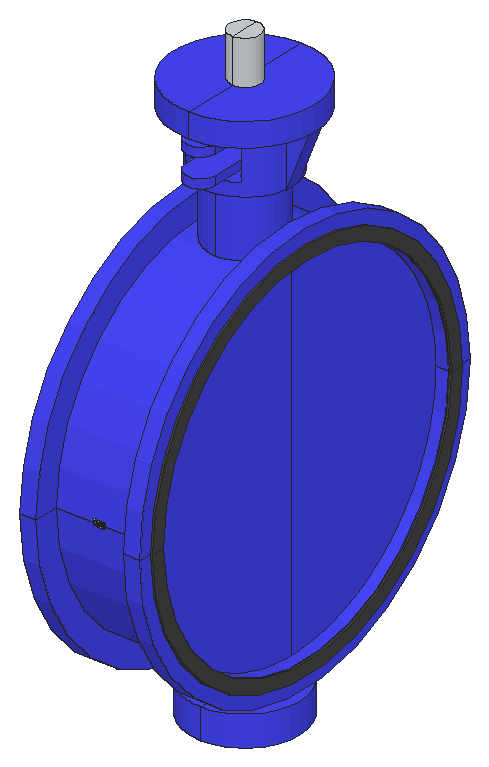
Revit family "926-00-002-DN80-1800", category Pipe Accessories, Revit 2022
Family settings
  Round Connector Dimension = Use Diameter
  Part Type = Valve - Breaks Into
  Work Plane-Based = No
  Always vertical = Yes
  Cut with Voids When Loaded = No
  Shared = No
Parameters (values of type "DN900_PN25")
  total_FL_legth = A - L  # 297.5 mm
  rib_Loctn = Body_rib_L * 0.4  # 46 mm
  logo = Bore_R + Body_T + 2 mm  # 455 mm
  bottom_support_T = size_lookup(Search_table, "bottom_support_T", 0 mm, DN)  # 138 mm
  bottom_Shaft_T = Body_rib_W * 0.4  # 0.4 mm
  bottom_Shaft_R = Body_shaft_R3 * 1.2  # 143.52 mm
  Wedge = A / 1.3  # 234.615 mm
  URL_product_pages = "https://www.avkvalves.com/P.aspx?no=92608000030160100000"
  Top_Rib = D / 2  # 37.5 mm
  Top_Flange_T = size_lookup(Search_table, "Top_Flange_T", 0 mm, DN)  # 120 mm
  Top_Flange_R_T = Slot_T * 2  # 44 mm
  Top_Flange_R = size_lookup(Search_table, "Top_Flange_R", 0 mm, DN)  # 175 mm
  Top_Flange1 = size_lookup(Search_table, "Top_Flange1", 0 mm, DN)  # 60 mm
  Top _Flange_dim2 = Body_shaft_R3_T * 2  # 66 mm
  Top _Flange_dim1 = Body_shaft_R3 * 0.58  # 69.368 mm
  Stem_R = size_lookup(Search_table, "Stem_R", 0 mm, DN)  # 56.25 mm
  Slt = size_lookup(Search_table, "Slt", 0 mm, DN)  # 75 mm
  Slot_dim1 = size_lookup(Search_table, "Slot_dim1", 0 mm, DN)  # 15 mm
  Slot_T = size_lookup(Search_table, "Slot_T", 0 mm, DN)  # 22 mm
  Search_table = "926-00-002-DN80-1800"
  Seal_R = size_lookup(Search_table, "Seal_R", 0 mm, DN)  # 36 mm
  Rib_shaft1 = size_lookup(Search_table, "Rib_shaft1", 0 mm, DN)  # 92 mm
  Rib_shaft = size_lookup(Search_table, "Rib_shaft", 0 mm, DN)  # 119.6 mm
  Rib_T = (FL_T - Raised_dis) / 1.5  # 23.333 mm
  Rib_R = D / 2  # 37.5 mm
  Retainer = size_lookup(Search_table, "Retainer", 0 mm, DN)  # 32.5 mm
  Raised_dis = size_lookup(Search_table, "Raised_dis", 0 mm, DN)  # 5 mm
  Raised_R = size_lookup(Search_table, "Raised_R", 0 mm, DN)  # 556 mm
  PCD = size_lookup(Search_table, "PCD", 0 mm, DN)  # 1135 mm
  L = Raised_dis * 1.5  # 7.5 mm
  Hole_R = size_lookup(Search_table, "Hole_R", 0 mm, DN)  # 18.5 mm
  FL_T = size_lookup(Search_table, "FL_T", 0 mm, DN)  # 40 mm
  FL_R = size_lookup(Search_table, "FL_R", 0 mm, DN)  # 515 mm
  E = size_lookup(Search_table, "E", 0 mm, DN)  # 108 mm
  Description_ = "AVK DBL. ECC. BUTTERFLY VALVE, FLANGED, AWWA SHORT, PN25"
  Default Elevation = 0 mm
  DN900_PN25 = "926-900-00-030060100000"
  DN800_PN25 = "926-800-00-030060100000"
  DN750_PN25 = "926-750-00-030060100000"
  DN700_PN25 = "926-700-00-030060100000"
  DN600_PN25 = "926-600-00-030080100000"
  DN500_PN25 = "926-500-00-030080100000"
  DN400_PN25 = "926-400-00-030080100000"
  DN350_PN25 = "926-350-00-030080100000"
  DN300_PN25 = "926-300-00-030080100000"
  DN250_PN25 = "926-250-00-030080100000"
  DN200_PN25 = "926-200-00-030080100000"
  DN1800_PN25 = "926-A18-00-030060100000"
  DN150_PN25 = "926-150-00-030080100000"
  DN1500_PN25 = "926-A15-00-030060100000"
  DN1200_PN25 = "926-A12-00-030060100000"
  DN100_PN25 = "926-100-00-030160100000"
  DN1000_PN25 = "926-A10-00-030060100000"
  DN080_PN25 = "926-080-00-030160100000"
  DN = 900 mm
  D = size_lookup(Search_table, "D", 0 mm, DN)  # 75 mm
  C = size_lookup(Search_table, "C", 0 mm, DN)  # 802 mm
  Bore_R = size_lookup(Search_table, "Bore_R", 0 mm, DN)  # 450 mm
  Body_shaft_R3_T = size_lookup(Search_table, "Body_shaft_R3_T", 0 mm, DN)  # 33 mm
  Body_shaft_R3 = Body_shaft_R2 * 1.3  # 119.6 mm
  Body_shaft_R2_T = D * 0.8  # 60 mm
  Body_shaft_R2 = Body_rib_L * 0.8  # 92 mm
  Body_shaft_R1 = (total_FL_legth - FL_T) / 2  # 128.75 mm
  Body_rib_W = size_lookup(Search_table, "Body_rib_W", 0 mm, DN)  # 1 mm
  Body_rib_L = size_lookup(Search_table, "Body_rib_L", 0 mm, DN)  # 115 mm
  Body_end_shaft_R = (total_FL_legth - 2 * Raised_dis) / 2  # 143.75 mm
  Body_T = size_lookup(Search_table, "Body_T", 0 mm, DN)  # 3 mm
  B = size_lookup(Search_table, "B", 0 mm, DN)  # 620 mm
  A = size_lookup(Search_table, "A", 0 mm, DN)  # 305 mm
Types (19, lengths in mm): name | total_FL_legth | rib_Loctn | logo | bottom_support_T | bottom_Shaft_T | bottom_Shaft_R | Wedge | Top_Rib | Top_Flange_T | Top_Flange_R_T | Top_Flange_R | Top_Flange1 | Top _Flange_dim2 | Top _Flange_dim1 | Stem_R | Slt | Slot_dim1 | Slot_T | Seal_R | Rib_shaft1 | Rib_shaft | Rib_T | Rib_R | Retainer | Raised_dis | Raised_R | PCD | L | Hole_R | FL_T | FL_R | E | DN | D | C | Bore_R | Body_shaft_R3_T | Body_shaft_R3 | Body_shaft_R2_T | Body_shaft_R2 | Body_shaft_R1 | Body_rib_W | Body_rib_L | Body_end_shaft_R | Body_T | B | A
  (no name) | 297.5 | 46 | 455 | 138 | 0.4 | 143.52 | 234.615 | 37.5 | 120 | 44 | 175 | 60 | 66 | 69.368 | 56.25 | 75 | 15 | 22 | 36 | 92 | 119.6 | 23.333 | 37.5 | 32.5 | 5 | 556 | 1135 | 7.5 | 18.5 | 40 | 515 | 108 | 900 | 75 | 802 | 450 | 33 | 119.6 | 60 | 92 | 128.75 | 1 | 115 | 143.75 | 3 | 620 | 305
  DN080_PN10/16 | 124 | 8 | 50 | 24 | 4.8 | 24.96 | 97.692 | 4.5 | 7.2 | 28 | 45 | 9 | 8 | 12.064 | 6.75 | 9 | 15 | 14 | 16 | 16 | 20.8 | 4 | 4.5 | 16 | 2 | 66 | 160 | 3 | 5 | 8 | 72 | 18 | 80 | 9 | 185 | 40 | 4 | 20.8 | 7.2 | 16 | 58 | 12 | 20 | 60 | 8 | 110 | 127
  DN100_PN25 | 124 | 10 | 62 | 30 | 6 | 31.2 | 97.692 | 5.5 | 8.8 | 28 | 62.5 | 15 | 10 | 15.08 | 8.25 | 11 | 15 | 14 | 15.5 | 20 | 26 | 4 | 5.5 | 15.5 | 2 | 78 | 180 | 3 | 6 | 8 | 81 | 20 | 100 | 11 | 202 | 50 | 5 | 26 | 8.8 | 20 | 58 | 15 | 25 | 60 | 10 | 130 | 127
  DN1200_PN25 | 373.5 | 48 | 605 | 144 | 24 | 149.76 | 293.077 | 71.5 | 75 | 50 | 207.5 | 114.4 | 66 | 72.384 | 60 | 110 | 16 | 25 | 63.5 | 96 | 124.8 | 23.333 | 71.5 | 40 | 5 | 664 | 1355 | 7.5 | 18.5 | 40 | 680 | 180 | 1200 | 143 | 1080 | 600 | 33 | 124.8 | 114.4 | 96 | 166.75 | 60 | 120 | 181.75 | 3 | 850 | 381
  DN1500_PN25 | 373.5 | 48 | 755 | 144 | 24 | 149.76 | 293.077 | 90 | 143 | 54 | 237.5 | 120 | 66 | 72.384 | 70 | 125 | 16 | 27 | 95 | 96 | 124.8 | 30 | 90 | 35 | 5 | 850 | 1700 | 7.5 | 24.5 | 50 | 820 | 170 | 1500 | 180 | 1290 | 750 | 33 | 124.8 | 144 | 96 | 161.75 | 60 | 120 | 181.75 | 3 | 1050 | 381
  DN150_PN25 | 124 | 12.8 | 89 | 38.4 | 8 | 39.936 | 97.692 | 8.5 | 13.6 | 44 | 62.5 | 18 | 14 | 19.302 | 12.75 | 17 | 18 | 22 | 16.5 | 25.6 | 33.28 | 5.333 | 8.5 | 16.5 | 2 | 105.5 | 240 | 3 | 8 | 10 | 108 | 27 | 150 | 17 | 280 | 75 | 7 | 33.28 | 13.6 | 25.6 | 57 | 20 | 32 | 60 | 12 | 170 | 127
  DN1800_PN25 | 459.5 | 48 | 905 | 144 | 6 | 149.76 | 359.231 | 110 | 140 | 58 | 280 | 140 | 66 | 72.384 | 70 | 100 | 16 | 29 | 78.5 | 96 | 124.8 | 33.333 | 110 | 50 | 5 | 975 | 2020 | 7.5 | 24.5 | 55 | 1000 | 150 | 1800 | 220 | 1430 | 900 | 33 | 124.8 | 176 | 96 | 202.25 | 15 | 120 | 224.75 | 3 | 1230 | 467
  DN200_PN25 | 147.5 | 20.8 | 114 | 62.4 | 8.8 | 64.896 | 116.923 | 11 | 17.6 | 40 | 75 | 22 | 20 | 31.366 | 16.5 | 22 | 21 | 20 | 16.375 | 41.6 | 54.08 | 11.333 | 11 | 16.375 | 3 | 133 | 295 | 4.5 | 11.5 | 20 | 132.75 | 30 | 200 | 22 | 320 | 100 | 10 | 54.08 | 17.6 | 41.6 | 63.75 | 22 | 52 | 70.75 | 12 | 200 | 152
  DN250_PN25 | 198.5 | 22.4 | 141 | 67.2 | 9.6 | 69.888 | 156.154 | 13.5 | 21.6 | 40 | 75 | 21 | 24 | 33.779 | 20.25 | 27 | 6 | 20 | 16.25 | 44.8 | 58.24 | 12.667 | 13.5 | 16.25 | 3 | 159.5 | 350 | 4.5 | 11.5 | 22 | 157.5 | 36 | 250 | 27 | 340 | 125 | 12 | 58.24 | 21.6 | 44.8 | 88.25 | 24 | 56 | 96.25 | 14 | 222 | 203
  DN300_PN25 | 197 | 24 | 166 | 72 | 12 | 74.88 | 156.154 | 13.5 | 21.6 | 40 | 75 | 21.6 | 24 | 36.192 | 20.25 | 27 | 6 | 20 | 15 | 48 | 52 | 13.667 | 13.5 | 15 | 4 | 185 | 400 | 6 | 11.5 | 24.5 | 180 | 41 | 300 | 27 | 390 | 150 | 12 | 62.4 | 21.6 | 48 | 86.25 | 30 | 60 | 94.5 | 14 | 260 | 203
  DN350_PN25 | 197 | 26.8 | 191 | 80.4 | 12.4 | 83.616 | 156.154 | 18 | 28.8 | 44 | 75 | 28.8 | 32 | 40.414 | 27 | 36 | 7 | 22 | 16 | 45 | 69.68 | 13.667 | 18 | 16 | 4 | 214.5 | 440 | 6 | 11.5 | 24.5 | 207 | 41 | 350 | 36 | 420 | 175 | 16 | 69.68 | 28.8 | 53.6 | 86.25 | 31 | 67 | 94.5 | 14 | 290 | 203
  DN400_PN25 | 197 | 28 | 217 | 84 | 16.8 | 87.36 | 156.154 | 18 | 28.8 | 44 | 105 | 28.8 | 32 | 42.224 | 27 | 36 | 7 | 22 | 15.875 | 50 | 72.8 | 13.667 | 18 | 15.875 | 4 | 240 | 510 | 6 | 14 | 24.5 | 231.75 | 41 | 400 | 36 | 451 | 200 | 16 | 72.8 | 28.8 | 56 | 86.25 | 42 | 70 | 94.5 | 15 | 350 | 203
  DN500_PN25 | 197 | 31.2 | 255 | 93.6 | 16.4 | 97.344 | 156.154 | 23 | 36.8 | 44 | 105 | 36.8 | 32 | 47.05 | 34.5 | 46 | 7 | 22 | 12.5 | 62.4 | 81.12 | 14.333 | 23 | 12.5 | 4 | 265 | 565 | 6 | 14 | 25.5 | 275 | 65 | 500 | 46 | 511 | 250 | 16 | 81.12 | 36.8 | 62.4 | 85.75 | 41 | 78 | 94.5 | 3 | 380 | 203
  DN600_PN25 | 197 | 34.8 | 305 | 104.4 | 15.2 | 108.576 | 156.154 | 27.5 | 44 | 44 | 150 | 44 | 40 | 52.478 | 41.25 | 55 | 9 | 22 | 10 | 69.6 | 90.48 | 15 | 27.5 | 12.5 | 4 | 291 | 620 | 6 | 14 | 26.5 | 325 | 70 | 600 | 55 | 561 | 300 | 20 | 90.48 | 44 | 69.6 | 85.25 | 38 | 87 | 94.5 | 3 | 450 | 203
  DN700_PN25 | 297.5 | 38.8 | 355 | 116.4 | 18 | 121.056 | 234.615 | 40 | 64 | 40 | 150 | 64 | 48 | 58.51 | 60 | 80 | 11 | 20 | 10 | 77.6 | 100.88 | 16.667 | 40 | 12.5 | 5 | 341 | 725 | 7.5 | 15.5 | 30 | 375 | 110 | 700 | 80 | 655 | 350 | 24 | 100.88 | 64 | 77.6 | 133.75 | 45 | 97 | 143.75 | 3 | 500 | 305
  DN1000_PN25 | 297.5 | 46 | 505 | 138 | 13.2 | 143.52 | 234.615 | 37.5 | 75 | 44 | 175 | 60 | 66 | 69.368 | 56.25 | 75 | 15 | 22 | 11 | 92 | 119.6 | 23.333 | 37.5 | 25 | 5 | 556 | 1160 | 7.5 | 18.5 | 40 | 550 | 80 | 1000 | 75 | 856 | 500 | 33 | 119.6 | 60 | 92 | 128.75 | 33 | 115 | 143.75 | 3 | 700 | 305
  DN750_PN25 | 297.5 | 42 | 380 | 126 | 16 | 131.04 | 234.615 | 40 | 140 | 30 | 150 | 64 | 70 | 63.336 | 60 | 80 | 16 | 15 | 10 | 84 | 109.2 | 23.333 | 40 | 22.5 | 5 | 397 | 840 | 7.5 | 15.5 | 40 | 420 | 110 | 750 | 80 | 735 | 375 | 35 | 109.2 | 64 | 84 | 128.75 | 40 | 105 | 143.75 | 3 | 590 | 305
  DN800_PN25 | 297.5 | 46 | 405 | 138 | 2 | 143.52 | 234.615 | 40 | 140 | 44 | 150 | 64 | 2 | 69.368 | 60 | 80 | 15 | 22 | 61 | 92 | 119.6 | 23.333 | 40 | 25 | 5 | 556 | 1050 | 7.5 | 18.5 | 40 | 450 | 110 | 800 | 80 | 740 | 400 | 1 | 119.6 | 64 | 92 | 128.75 | 5 | 115 | 143.75 | 3 | 600 | 305
  DN900_PN25 | 297.5 | 46 | 455 | 138 | 0.4 | 143.52 | 234.615 | 37.5 | 120 | 44 | 175 | 60 | 66 | 69.368 | 56.25 | 75 | 15 | 22 | 36 | 92 | 119.6 | 23.333 | 37.5 | 32.5 | 5 | 556 | 1135 | 7.5 | 18.5 | 40 | 515 | 108 | 900 | 75 | 802 | 450 | 33 | 119.6 | 60 | 92 | 128.75 | 1 | 115 | 143.75 | 3 | 620 | 305
Reference planes
  plane 1 "Center (Front/Back)": y = 0
  plane 2: z = 0
  plane 3 "Center (Left/Right)": x = 0
  plane 4: z = -567.5
  plane 5: z = 567.5
  plane 6: x = -148.75
  plane 7: x = 148.75
  plane 8: y = 567.5
  plane 9: y = -567.5
  plane 10: x = -148.75
  plane 11: x = 148.75
  plane 12: x = -125.417
  plane 13: x = 125.417
  plane 14: z = -620
  plane 15: z = 568.5
  plane 16: z = 802
  plane 17: y = 23
  plane 18: y = -23
  plane 19: z = 802
  plane 20: z = 910
  plane 21: x = -37.5
  plane 22: x = 37.5
  plane 23: z = 742
  plane 24: z = 568.5
  plane 25: x = -18.75
  plane 26: x = 18.75
  plane 27: z = 634.5
  plane 28: z = 568.5
  plane 29: z = 450
  plane 30: z = 515
  plane 31: z = 742
  plane 32: z = 612.5
  plane 33: z = 727
  plane 34: z = 705
  plane 35: y = 515
  plane 36: y = 515
  plane 37: y = -455
  plane 38: y = 18.75
  plane 39: y = -18.75
  plane 40: x = -37.5
  plane 41: x = 37.5
  plane 42: x = -152.5
  plane 43: x = 152.5
  plane 44: y = 37.5
  plane 45: y = -37.5
  plane 46: z = 742
  plane 47: x = 156.25
  plane 48: x = -37.5
  plane 49: x = 37.5
  plane 50: x = -175
  plane 51: x = 175
Forms (mm)
  Revolve 1, solid, material "Default"
    sketch origin (0, 0, 0) x (1, 0, 0) y (0, 1, 0)
      loop
        line (-148.75, 450) -> (148.75, 450) -> (148.75, 515) -> (108.75, 515) -> (108.75, 453) -> (-108.75, 453) -> (-108.75, 515) -> (-148.75, 515) -> (-148.75, 450)
      axis (-148.75, 0) -> (148.75, 0)
    angle from 0 to 360
  Revolve 2, solid, material "Default Roof"
    sketch origin (0, 0, 0) x (1, 0, 0) y (0, 1, 0)
      loop
        line (148.75, 482.5) -> (148.75, 450) -> (156.25, 450) -> (156.25, 482.5) -> (148.75, 482.5)
      axis (156.25, 0) -> (148.75, 0)
    angle from 0 to 360
  Revolve 3, solid, material "Default"
    sketch origin (0, 0, 0) x (0, 1, 0) y (0, 0, 1)
      loop
        line (0, -620) -> (0, 634.5) -> (-92, 634.5) -> (-92, -545) -> (-138, -545) -> (-138, -620) -> (0, -620)
      axis (0, 634.5) -> (0, -620)
    angle from 0 to 360
  Revolve 4, solid, material "Default"
    sketch origin (0, 0, 0) x (0, 1, 0) y (0, 0, 1)
      loop
        line (0, 634.5) -> (0, 802) -> (-175, 802) -> (-175, 742) -> (-92, 742) -> (-92, 634.5) -> (0, 634.5)
      axis (0, 802) -> (0, 634.5)
    angle from 0 to 360
  Revolve 5, solid, material "Default"
    sketch origin (0, 0, 0) x (0, 1, 0) y (0, 0, 1)
      loop
        line (-119.6, 742) -> (-119.6, 601.5) -> (0, 601.5) -> (0, 742) -> (-119.6, 742)
      axis (0, 742) -> (0, 601.5)
    angle from 0 to 360
  Revolve 6, solid, material "Default"
    sketch origin (0, 0, 0) x (0, 1, 0) y (0, 0, 1)
      loop
        line (0, 742) -> (-92, 742) -> (-92, 634.5) -> (0, 634.5) -> (0, 742)
      axis (0, 742) -> (0, 634.5)
    angle from 0 to 360
  Revolve 7, solid, material "Default"
    sketch origin (0, 0, 0) x (1, 0, 0) y (0, 0, 1)
      loop
        line (117.308, 450) -> (-117.308, 450) -> (-117.308, 0) -> (117.308, 0) -> (117.308, 450)
      axis (-117.308, 0) -> (117.308, 0)
    angle from 0 to 360
  Extrusion 8, solid, material "Default"
    sketch origin (0, 0, 0) x (1, 0, 0) y (0, 0, 1)
      loop
        line (-175, 742) -> (-119.6, 601.5) -> (119.6, 601.5) -> (175, 742) -> (-175, 742)
    from -18.75 to 18.75
  Extrusion 9, void
    sketch origin (0, 0, 0) x (-1, 0, 0) y (0, 0, 1)
      loop
        line (-69.368, 742) -> (-69.368, 634.5) -> (69.368, 634.5) -> (69.368, 742) -> (-69.368, 742)
    from -567.5 to 515
  Extrusion 10, solid, material "Default"
    sketch origin (0, 56.62, 634.5) x (0, 1, 0) y (-1, 0, 0)
      loop
        arc (-194.12, 37.5) -> (-231.62, 0) -> (-194.12, -37.5) r 37.5
        line (-194.12, -37.5) -> (80.88, -37.5)
        arc (80.88, -37.5) -> (118.38, 0) -> (80.88, 37.5) r 37.5
        line (80.88, 37.5) -> (-194.12, 37.5)
    from 0 to 22
  Extrusion 11, solid, material "Default"
    sketch origin (0, 119.879, 742) x (0, 1, 0) y (-1, 0, 0)
      loop
        arc (17.621, -37.5) -> (55.121, 0) -> (17.621, 37.5) r 37.5
        line (17.621, 37.5) -> (-257.379, 37.5)
        arc (-257.379, 37.5) -> (-294.879, 0) -> (-257.379, -37.5) r 37.5
        line (-257.379, -37.5) -> (17.621, -37.5)
    from -15 to -37
  Revolve 12, solid
    sketch origin (0, 0, 0) x (0, 1, 0) y (0, 0, 1)
      loop
        line (-37.5, 910) -> (-37.5, 742) -> (-56.25, 742) -> (-56.25, 727) -> (0, 727) -> (0, 910) -> (-37.5, 910)
      axis (0, 727) -> (0, 910)
    angle from 0 to 360
Cuts and joins
  Extrusion 9 cuts Revolve 4
  Extrusion 9 cuts Revolve 5
  Extrusion 9 cuts Revolve 6
  Extrusion 9 cuts Extrusion 8
Dimensions and locks
  equal spacing: plane 5, level, plane 4
  "PCD": plane 5 to plane 4
  equal spacing: Revolve 1 sketch curve, plane 3 "Center (Left/Right)", Revolve 1 sketch curve  (x2)
  "Bore_R": plane 1 "Center (Front/Back)" to Revolve 1 sketch curve
  "FL_R": plane 1 "Center (Front/Back)" to Revolve 1 sketch curve
  "total_FL_legth": Revolve 1 sketch curve to Revolve 1 sketch curve
  "FL_T": Revolve 1 sketch curve to Revolve 1 sketch curve
  "Body_T": Revolve 1 sketch curve to Revolve 1 sketch curve
  equal spacing: plane 6, plane 3 "Center (Left/Right)", plane 7
  "total_FL_legth": plane 6 to plane 7
  "L": plane 7 to Revolve 2 sketch curve
  equal spacing: plane 8, plane 1 "Center (Front/Back)", plane 9
  "PCD": plane 8 to plane 9
  equal spacing: plane 11, plane 3 "Center (Left/Right)", plane 10
  "total_FL_legth": plane 11 to plane 10
  equal spacing: plane 12, plane 3 "Center (Left/Right)", plane 13
  "Rib_T": plane 12 to plane 10
  "B": level to plane 14
  "bottom_support_T": plane 1 "Center (Front/Back)" to Revolve 3 sketch curve
  "Body_rib_W": plane 15 to plane 5
  "Body_shaft_R2": plane 1 "Center (Front/Back)" to Revolve 4 sketch curve
  "C": plane 16 to level
  "Top_Flange_R": plane 1 "Center (Front/Back)" to Revolve 4 sketch curve
  "C": plane 19 to plane 2
  "E": plane 20 to plane 19
  equal spacing: plane 22, plane 3 "Center (Left/Right)", plane 21
  "D": plane 22 to plane 21
  "Top_Flange1": plane 19 to plane 23
  "Body_rib_W": plane 24 to plane 5
  "Rib_shaft": plane 1 "Center (Front/Back)" to Revolve 5 sketch curve
  "Body_shaft_R3_T": Revolve 5 sketch curve to plane 24
  equal spacing: plane 26, plane 3 "Center (Left/Right)", plane 25
  "Top_Rib": plane 26 to plane 25
  "Bore_R": plane 29 to level
  "FL_R": plane 30 to level
  "Body_rib_W": plane 28 to plane 5
  "Top _Flange_dim2": plane 27 to plane 28
  "Top_Flange1": plane 19 to plane 31
  "Slot_T": plane 27 to plane 32
  "Slot_dim1": plane 31 to plane 33
  "Slot_T": plane 33 to plane 34
  "Body_shaft_R2": plane 1 "Center (Front/Back)" to Revolve 6 sketch curve
  "Slt": Revolve 3 sketch curve to plane 14
  "Rib_shaft1": plane 1 "Center (Front/Back)" to Revolve 3 sketch curve
  equal spacing: Revolve 7 sketch curve, plane 3 "Center (Left/Right)", Revolve 7 sketch curve
  "Wedge": Revolve 7 sketch curve to Revolve 7 sketch curve
  "Bore_R": level to Revolve 7 sketch curve
  "FL_R": plane 35 to plane 1 "Center (Front/Back)"
  "FL_R": plane 36 to plane 1 "Center (Front/Back)"
  "Bore_R": plane 1 "Center (Front/Back)" to Revolve 2 sketch curve
  "logo": plane 1 "Center (Front/Back)" to plane 37
  equal spacing: Extrusion 8 sketch curve, plane 3 "Center (Left/Right)", Extrusion 8 sketch curve  (x2)
  "Top_Flange1": plane 19 to Extrusion 8 sketch curve
  "Top_Flange_R": Extrusion 8 sketch curve to plane 3 "Center (Left/Right)"
  "Rib_shaft": Extrusion 8 sketch curve to plane 3 "Center (Left/Right)"
  "Body_shaft_R3_T": Extrusion 8 sketch curve to plane 28
  equal spacing: plane 38, plane 1 "Center (Front/Back)", plane 39
  "Top_Rib": plane 38 to plane 39
  equal spacing: Extrusion 9 sketch curve, plane 3 "Center (Left/Right)", Extrusion 9 sketch curve
  "Top _Flange_dim1": plane 3 "Center (Left/Right)" to Extrusion 9 sketch curve
  "Top _Flange_dim2": plane 28 to Extrusion 9 sketch curve
  Extrusion 9 to plane 5 = 174.5 mm
  equal spacing: plane 40, plane 3 "Center (Left/Right)", plane 41
  "Slt": plane 40 to plane 41
  equal spacing: Extrusion 10 sketch curve, plane 1 "Center (Front/Back)", Extrusion 10 sketch curve
  "Slot_T": Extrusion 10 to plane 27
  equal spacing: plane 43, plane 3 "Center (Left/Right)", plane 42
  "A": plane 43 to plane 42
  level to plane 14 = 620 mm
  plane 19 to level = 802 mm  (x2)
  plane 20 to plane 19 = 108 mm
  equal spacing: plane 44, plane 1 "Center (Front/Back)", plane 45
  "D": plane 44 to plane 45
  "Stem_R": plane 1 "Center (Front/Back)" to Revolve 12 sketch curve
  "Retainer": plane 36 to Revolve 2 sketch curve
  "Top_Flange_R": plane 1 "Center (Front/Back)" to Extrusion 10 sketch curve
  plane 19 to plane 31 = 60 mm
  "Top_Flange1": plane 19 to plane 46
  "Top_Flange1": plane 16 to Revolve 4 sketch curve
  "Top_Flange1": plane 19 to Revolve 12 sketch curve
  "L": plane 47 to plane 11
  plane 47 to plane 10 = 305 mm
  equal spacing: plane 49, plane 3 "Center (Left/Right)", plane 48
  "D": plane 49 to plane 48
  equal spacing: plane 51, plane 3 "Center (Left/Right)", plane 50
  "Top_Flange_R": plane 51 to plane 3 "Center (Left/Right)"
  plane 51 to plane 50 = 350 mm
  aligned and locked: level to plane 2
  aligned and locked: plane 1 "Center (Front/Back)" to Revolve 1 sketch curve
  aligned and locked: Revolve 1 sketch curve to Revolve 1 sketch curve
  aligned and locked: plane 7 to Revolve 2 sketch curve
  aligned and locked: Revolve 2 sketch curve to plane 1 "Center (Front/Back)"
  aligned and locked: plane 1 "Center (Front/Back)" to Revolve 3 sketch curve  (x2)
  aligned and locked: plane 14 to Revolve 3 sketch curve
  aligned and locked: plane 1 "Center (Front/Back)" to Revolve 4 sketch curve  (x2)
  aligned and locked: plane 23 to Revolve 5 sketch curve
  aligned and locked: plane 1 "Center (Front/Back)" to Revolve 5 sketch curve
  aligned and locked: plane 1 "Center (Front/Back)" to Revolve 6 sketch curve
  aligned and locked: plane 27 to Revolve 6 sketch curve
  aligned and locked: Revolve 6 sketch curve to plane 31
  aligned and locked: Revolve 6 sketch curve to plane 1 "Center (Front/Back)"
  aligned and locked: level to Revolve 7 sketch curve
  aligned and locked: Revolve 7 sketch curve to plane 2
  aligned and locked: Extrusion 8 to plane 38
  aligned and locked: Extrusion 8 to plane 39
  aligned and locked: Extrusion 9 sketch curve to plane 31
  aligned and locked: plane 36 to Extrusion 9
  aligned and locked: Extrusion 9 to plane 9
  aligned and locked: Extrusion 10 to plane 27
  aligned and locked: Extrusion 11 sketch curve to Extrusion 10  (x2)
  aligned and locked: Extrusion 11 to plane 34
  aligned and locked: plane 33 to Extrusion 11
  aligned and locked: plane 3 "Center (Left/Right)" to nested 1
  aligned and locked: cut or joined group of Revolve 4, Extrusion 9 to plane 19
  aligned and locked: plane 27 to Revolve 3 sketch curve
  aligned and locked: Revolve 12 sketch curve to plane 20
  aligned and locked: Revolve 12 sketch curve to plane 1 "Center (Front/Back)"
  aligned and locked: plane 45 to Revolve 12 sketch curve
  aligned and locked: plane 1 "Center (Front/Back)" to Revolve 12 sketch curve
  aligned and locked: plane 33 to Revolve 12 sketch curve
  aligned and locked: plane 27 to Revolve 4 sketch curve
  aligned and locked: plane 40 to Extrusion 10 sketch curve
  aligned and locked: Extrusion 10 sketch curve to plane 41
Automatic sketch dimensions
  Revolve 1 sketch curve to plane 50 = 0.028 mm
  plane 51 to Revolve 1 sketch curve = 0.203 mm
  Revolve 2 sketch curve to plane 26 = 0.279 mm
  Revolve 2 sketch curve to plane 47 = 0.296 mm
  Revolve 3 sketch curve to Revolve 3 sketch curve = 6 mm
  Revolve 3 sketch curve to level = 10 mm
  Revolve 4 sketch curve to plane 16 = 0 mm
  Revolve 4 sketch curve to plane 14 = 49.404 mm
  Revolve 4 sketch curve to Revolve 4 sketch curve = 155 mm
  Revolve 5 sketch curve to plane 1 "Center (Front/Back)" = 0 mm
  Revolve 5 sketch curve to level = 0 mm
  Revolve 5 sketch curve to plane 29 = 2.5 mm
  plane 28 to Revolve 6 sketch curve = 0.174 mm
  plane 34 to Revolve 6 sketch curve = 0.174 mm
  Revolve 7 sketch curve to Revolve 7 sketch curve = 0.312 mm
  plane 10 to Revolve 7 sketch curve = 0.362 mm
  Revolve 12 sketch curve to Revolve 12 sketch curve = 11.471 mm
  Revolve 12 sketch curve to Revolve 12 sketch curve = 15 mm
Nested families
  nested 1: "LXB=26X13" at (0, -452.992, 2.718) x (1, 0, 0) z (0, -1, 0.006), type "LXB=26X13"
Connectors
  piping at (-148.75, 0, 0), diameter 900, driven by "DN"
    settings: on Revolve 1, index 1, connector inside diameter 609.6 mm, connector length 0 mm, flow factor 0, pipe flow 0.0 L/s, pressure drop 0.0 Pa, fitting loss kfactor 0, connector angle 0.00°, fixture units 0, engagement length 0 mm, angle of deflection 0.00°, flow configuration 0, flow direction 0, fitting loss method 0, system type 7, joint type 0, gender type 0, connector reference index -1, connector utility 0, adjustable connector no, is connector primary yes, connector description ""
  piping at (156.25, 0, 0), diameter 900, driven by "DN"
    settings: on Revolve 2, index 2, connector inside diameter 609.6 mm, connector length 0 mm, flow factor 0, pipe flow 0.0 L/s, pressure drop 0.0 Pa, fitting loss kfactor 0, connector angle 0.00°, fixture units 0, engagement length 0 mm, angle of deflection 0.00°, flow configuration 0, flow direction 0, fitting loss method 0, system type 7, joint type 0, gender type 0, connector reference index -1, connector utility 0, adjustable connector no, is connector primary no, connector description ""
Definition of nested family "LXB=26X13"
  Parameters (values of type "LXB=26X13")
    Default Elevation = 1219.2 mm
    6 = 6 mm  # constant formula
    4 = 4 mm  # constant formula
    3 = 3 mm  # constant formula
    26 = 26 mm  # constant formula
    2 = 2 mm  # constant formula
    13 = 13 mm  # constant formula
    12 = 14 mm  # constant formula
    1 = 1 mm  # constant formula
    0 = 0 mm  # 0.207 mm
  Reference planes
    plane 1 "Center (Front/Back)": y = 0
    plane 2: z = 0
    plane 3 "Center (Left/Right)": x = 0
    plane 4: y = 6
    plane 5: y = -6
    plane 6: y = 3
    plane 7: y = 4
    plane 8: x = -13
    plane 9: x = 14
  Forms (mm)
    Extrusion 1, solid
      sketch origin (0, 0, 0) x (1, 0, 0) y (0, 1, 0)
        loop
          line (-1219.2, 1219.2) -> (-1219.2, -1219.2) -> (1219.2, -1219.2) -> (1219.2, 1219.2) -> (-1219.2, 1219.2)
      from 0 to -304.8
    Extrusion 2, solid
      sketch origin (0, 0, 0) x (1, 0, 0) y (0, 1, 0)
        loop
          line (14, 3) -> (11.124, 3) -> (11.124, 1.94)
          arc (11.124, 1.94) -> (9.976, 0.511) -> (8.409, -0.438) r 5.268
          line (8.409, -0.438) -> (9.728, 3) -> (5.738, 3) -> (2.713, -6) -> (6, -6) -> (7.395, -3) -> (9.37, -6) -> (12.456, -6) -> (10.368, -2.577)
          arc (10.368, -2.577) -> (11.813, -1.557) -> (12.654, 0) r 3.874
          line (12.654, 0) -> (14, 0) -> (14, 3)
        loop
          line (-3, 6) -> (-13, 6) -> (-13, 4) -> (-5.37, 4) -> (-1.129, -6) -> (1.713, -6) -> (5.348, 4) -> (14, 4) -> (14, 6) -> (3, 6) -> (0, -1.873) -> (-3, 6)
        loop
          line (-5.946, 3) -> (-13, 3) -> (-13, 0) -> (-11.112, 0) -> (-13.834, -6) -> (-10.742, -6) -> (-10.076, -4) -> (-6.634, -4) -> (-6, -6) -> (-2.129, -6) -> (-5.946, 3)
        loop
          line (-8.386, -0.207) -> (-9.061, -2) -> (-7.774, -2) -> (-8.386, -0.207)
      from 0 to 2.299
  Dimensions and locks
    locked: Extrusion 2 to Extrusion 1 at 2.299
    equal spacing: plane 4, plane 1 "Center (Front/Back)", plane 5
    "6": plane 1 "Center (Front/Back)" to plane 4
    "3": Extrusion 2 sketch curve to plane 3 "Center (Left/Right)" to Extrusion 2 sketch curve
    "3": plane 1 "Center (Front/Back)" to plane 6
    "1": plane 7 to plane 6
    "6": plane 5 to plane 1 "Center (Front/Back)"
    "13": plane 8 to plane 3 "Center (Left/Right)"
    "12": plane 3 "Center (Left/Right)" to plane 9
    "1": Extrusion 2 sketch curve to Extrusion 2 sketch curve  (x2)
    locked: Extrusion 2 sketch curve to Extrusion 2 sketch curve at 1.073
    "2": Extrusion 2 sketch curve to plane 5
    "3": Extrusion 2 sketch curve to plane 5
    "4": Extrusion 2 sketch curve to plane 5
    locked: Extrusion 2 sketch curve to Extrusion 2 sketch curve at 1.154
    "6": Extrusion 2 sketch curve to plane 3 "Center (Left/Right)" to Extrusion 2 sketch curve
    "0": Extrusion 2 sketch curve to plane 1 "Center (Front/Back)"
    aligned and locked: plane 2 to Extrusion 1
    aligned and locked: level to Extrusion 1
    aligned and locked: Extrusion 2 sketch curve to plane 4  (x2)
    aligned and locked: plane 5 to Extrusion 2 sketch curve  (x3)
    aligned and locked: Extrusion 2 sketch curve to plane 5  (x2)
    aligned and locked: plane 6 to Extrusion 2 sketch curve
    aligned and locked: Extrusion 2 sketch curve to plane 6  (x2)
    aligned and locked: Extrusion 2 sketch curve to plane 7  (x2)
    aligned and locked: plane 1 "Center (Front/Back)" to Extrusion 2 sketch curve
    aligned and locked: plane 8 to Extrusion 2 sketch curve
    aligned and locked: Extrusion 2 sketch curve to plane 8
    aligned and locked: Extrusion 2 sketch curve to Extrusion 2 sketch curve
    aligned and locked: plane 9 to Extrusion 2 sketch curve
  Automatic sketch dimensions
    Extrusion 1 sketch curve to Extrusion 1 sketch curve = 2438.4 mm  (x2)
    Extrusion 2 sketch curve to plane 3 "Center (Left/Right)" = 0 mm
    plane 1 "Center (Front/Back)" to Extrusion 2 sketch curve = 0 mm
    Extrusion 2 sketch curve to plane 8 = 0.834 mm
    Extrusion 2 sketch curve to Extrusion 2 sketch curve = 1.888 mm
    plane 8 to Extrusion 2 sketch curve = 2.258 mm
    Extrusion 2 sketch curve to Extrusion 2 sketch curve = 0.666 mm
    Extrusion 2 sketch curve to Extrusion 2 sketch curve = 0.675 mm
    Extrusion 2 sketch curve to Extrusion 2 sketch curve = 1.287 mm
    Extrusion 2 sketch curve to Extrusion 2 sketch curve = 1.14 mm
    Extrusion 2 sketch curve to Extrusion 2 sketch curve = 0.634 mm
    Extrusion 2 sketch curve to Extrusion 2 sketch curve = 2.37 mm
    Extrusion 2 sketch curve to plane 3 "Center (Left/Right)" = 2.129 mm
    plane 3 "Center (Left/Right)" to Extrusion 2 sketch curve = 1.713 mm
    Extrusion 2 sketch curve to Extrusion 2 sketch curve = 2.348 mm
    plane 7 to Extrusion 2 sketch curve = 0.474 mm
    Extrusion 2 sketch curve to Extrusion 2 sketch curve = 1.157 mm
    Extrusion 2 sketch curve to Extrusion 2 sketch curve = 1.395 mm  (x2)
    plane 1 "Center (Front/Back)" to Extrusion 2 sketch curve = 0.438 mm
    Extrusion 2 sketch curve to Extrusion 2 sketch curve = 1.014 mm
    Extrusion 2 sketch curve to Extrusion 2 sketch curve = 0.506 mm
    Extrusion 2 sketch curve to Extrusion 2 sketch curve = 3.37 mm
    Extrusion 2 sketch curve to Extrusion 2 sketch curve = 0.813 mm
    Extrusion 2 sketch curve to Extrusion 2 sketch curve = 1.959 mm
    Extrusion 2 sketch curve to plane 9 = 1.544 mm
    Extrusion 2 sketch curve to plane 9 = 1.346 mm
    plane 1 "Center (Front/Back)" to Extrusion 2 sketch curve = 2.577 mm
    plane 1 "Center (Front/Back)" to Extrusion 2 sketch curve = 1.873 mm
